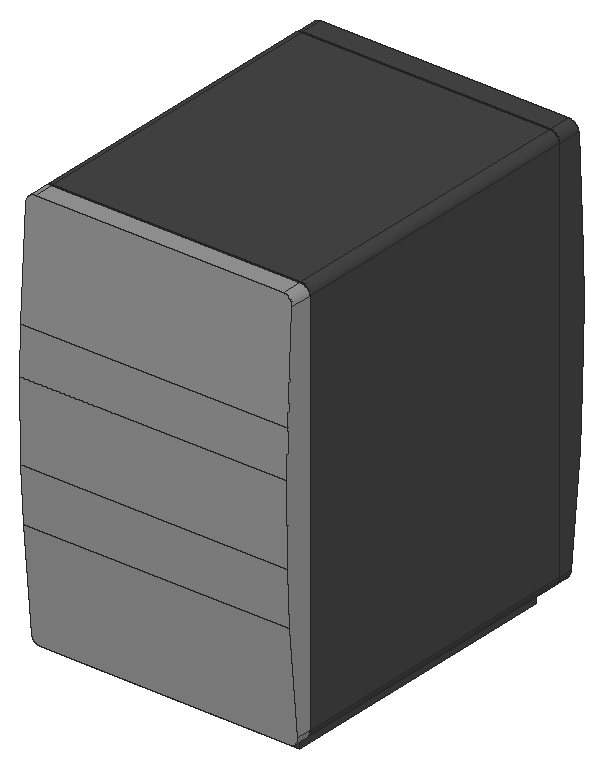
Revit family "Franke_Unterthekenkühleinheit_UT12_CM-A1000_FM_CM", category Sonderausstattung, Revit 2015
Parameters (values of type "Unterthekenkühleinheit UT12 CM-A1000 FM CM(230V/anthrazit/EU)")
  URL = "http://www.franke.com/main/de/cs/produkte/produktsuche/produktsuche.html#akCache=true&p=1&t=grid&f=cat14_3210"
  Tiefe = 475 mm
  Temperaturbereich = "+ 3° bis + 8°"
  Spannung = 230 V
  Sicherung = 10 A
  Netzfrequenz alternativ = 60 Hz
  Netzfrequenz = 50 Hz
  Modell = "410880 - Unterthekenkühleinheit UT12 CM - A1000 FM CM"
  Milchvorrat = "12 l"
  Stromaufnahme = "0.72 A"
  Kosten = 0
  Höhe = 544 mm
  Hersteller = "Franke"
  Energieverlust nach DIN18873 = "0.783 kWh/24 h - 230 V"
  Breite = 340 mm
  Beschreibung = "Beistellgerät Unterthekenkühleinheit UT12 dient zum Aufbewahren von gekühlter Milch"
  Assembly Code = "Beistellgerät Unterthekenkühleinheit UT12"
  Keynote = "Beistellgerät Unterthekenkühleinheit UT12"
  Aufstellgewicht = "26 kg"
  Anzahl von Polen = 1
  Anzahl der Schutzleiter = "1"
  Anzahl der Nullleiter = "1"
  Abdeckung Front = Franke Anthrazit
Types (3, lengths in mm): name | Abdeckung Front
  (no name) | Franke Anthrazit
  Unterthekenkühleinheit UT12 CM-A1000 FM CM(230V/black line/EU) | Franke Black
  Unterthekenkühleinheit UT12 CM-A1000 FM CM(230V/anthrazit/EU) | Franke Anthrazit
Reference planes
  plane 1 "Mitte (Vorne/Hinten)": y = 0
  plane 2: z = 0
  plane 3 "Mitte (Links/Rechts)": x = 0
Forms (mm)
  Extrusion 1, solid, material "Franke Black"
    sketch origin (0, 0, -42) x (1, 0, 0) y (0, 0, 1)
      loop
        arc (-170, 78) -> (-166.485, 69.515) -> (-158, 66) r 12
        line (-158, 66) -> (158, 66)
        arc (158, 66) -> (166.485, 69.515) -> (170, 78) r 12
        line (170, 78) -> (170, 574)
        arc (170, 574) -> (166.485, 582.485) -> (158, 586) r 12
        line (158, 586) -> (-158, 586)
        arc (-158, 586) -> (-166.485, 582.485) -> (-170, 574) r 12
        line (-170, 574) -> (-170, 78)
    from -198.03 to 198.03
  Extrusion 2, solid, material "Franke Black"
    sketch origin (0, 0, -42) x (0, 1, 0) y (0, 0, 1)
      loop
        line (186.97, 66) -> (-188.03, 66) -> (-188.03, 46) -> (186.97, 46) -> (186.97, 66)
    from -149 to 149
  Extrusion 3, solid, material "Franke Black"
    sketch origin (0, 0, -42) x (1, 0, 0) y (0, 1, 0)
      loop
        line (-139, 119.911) -> (-139, 96.511) -> (-120.3, 96.511) -> (-120.3, 119.911) -> (-139, 119.911)
      loop
        line (120.3, 119.911) -> (120.3, 96.511) -> (139, 96.511) -> (139, 119.911) -> (120.3, 119.911)
      loop
        line (120.3, -95.689) -> (120.3, -119.089) -> (139, -119.089) -> (139, -95.689) -> (120.3, -95.689)
      loop
        line (-139, -95.689) -> (-139, -119.089) -> (-120.3, -119.089) -> (-120.3, -95.689) -> (-139, -95.689)
    from 42 to 46
  Extrusion 4, void
    sketch origin (0, 0, -42) x (1, 0, 0) y (0, 1, 0)
      loop
        circle (-127.5, 166.47) r 16
      loop
        circle (-127.5, -166.13) r 16
      loop
        circle (127.5, 166.47) r 16
      loop
        circle (127.5, -166.13) r 16
    from 16.904 to 51
  Extrusion 5, solid, material "Franke Anthrazit" <- "Abdeckung Front"
    sketch origin (0, 0, -42) x (0, 1, 0) y (0, 0, 1)
      loop
        line (-199.53, 586) -> (-226.03, 586)
        arc (-226.03, 586) -> (-230.938, 512.688) -> (-234.804, 439.314) r 5166.525
        arc (-234.804, 439.314) -> (-235.718, 409.388) -> (-235.736, 379.448) r 1000
        arc (-235.736, 379.448) -> (-234.928, 328.403) -> (-233.97, 277.36) r 17389.365
        arc (-233.97, 277.36) -> (-232.66, 242.583) -> (-230.141, 207.872) r 1000
        arc (-230.141, 207.872) -> (-223.415, 136.903) -> (-216.03, 66) r 7668.804
        line (-216.03, 66) -> (-199.53, 66) -> (-199.53, 586)
    from -170 to 170
  Extrusion 6, solid, material "Franke Black"
    sketch origin (0, 0, -42) x (0, 1, 0) y (0, 0, 1)
      loop
        line (228.03, 586) -> (199.53, 586) -> (199.53, 66) -> (216.03, 66)
        arc (216.03, 66) -> (223.625, 137.651) -> (230.787, 209.347) r 11934.303
        arc (230.787, 209.347) -> (233.53, 243.904) -> (235.074, 278.535) r 1000
        arc (235.074, 278.535) -> (236.278, 326.896) -> (237.256, 375.262) r 10374.963
        arc (237.256, 375.262) -> (237.334, 405.934) -> (236.472, 436.595) r 1000
        arc (236.472, 436.595) -> (232.736, 511.325) -> (228.03, 586) r 5764.394
    from -170 to 170
  Extrusion 7, solid, material "Franke Black"
    sketch origin (0, 0, -42) x (1, 0, 0) y (0, 0, 1)
      loop
        line (-120, 576) -> (-120, 66) -> (120, 66) -> (120, 576) -> (-120, 576)
    from 198.03 to 199.53
  Extrusion 8, solid, material "Franke Black"
    sketch origin (0, 397.56, -42) x (1, 0, 0) y (0, 0, 1)
      loop
        line (-120, 576) -> (-120, 66) -> (120, 66) -> (120, 576) -> (-120, 576)
    from 198.03 to 199.53
  Extrusion 9, void
    sketch origin (0, 0, -42) x (1, 0, 0) y (0, 0, 1)
      loop
        line (-158, 586) -> (-158, 596) -> (-180, 596) -> (-180, 574) -> (-170, 574)
        arc (-170, 574) -> (-166.485, 582.485) -> (-158, 586) r 12
      loop
        arc (158, 586) -> (166.485, 582.485) -> (170, 574) r 12
        line (170, 574) -> (180, 574) -> (180, 596) -> (158, 596) -> (158, 586)
      loop
        arc (-158, 66) -> (-166.485, 69.515) -> (-170, 78) r 12
        line (-170, 78) -> (-180, 78) -> (-180, 56) -> (-158, 56) -> (-158, 66)
      loop
        line (158, 66) -> (158, 56) -> (180, 56) -> (180, 78) -> (170, 78)
        arc (170, 78) -> (166.485, 69.515) -> (158, 66) r 12
    from -296.752 to 350.669
  Extrusion 10, solid, material "Franke Black"
    sketch origin (0, 0, 0) x (1, 0, 0) y (0, 1, 0)
      loop
        circle (0, 140.802) r 2.5
    from 0 to 4
Cuts and joins
  Extrusion 4 cuts Extrusion 2
  Extrusion 9 cuts Extrusion 5
  Extrusion 9 cuts Extrusion 6
Dimensions and locks
  aligned and locked: level to plane 2
Connectors
  electrical at (0, 140.802, 0), driven by "Spannung", driven by "Anzahl von Polen"
    settings: on Extrusion 10, index 1, voltage 230 V, apparent load 0 VA, apparent load phase1 0 VA, apparent load phase2 0 VA, apparent load phase3 0 VA, power factor 1, load classification "Strom", number of poles 1, system type 31, power factor state 1, is connector primary yes, connector utility no, sub classification motor no, connector description ""
